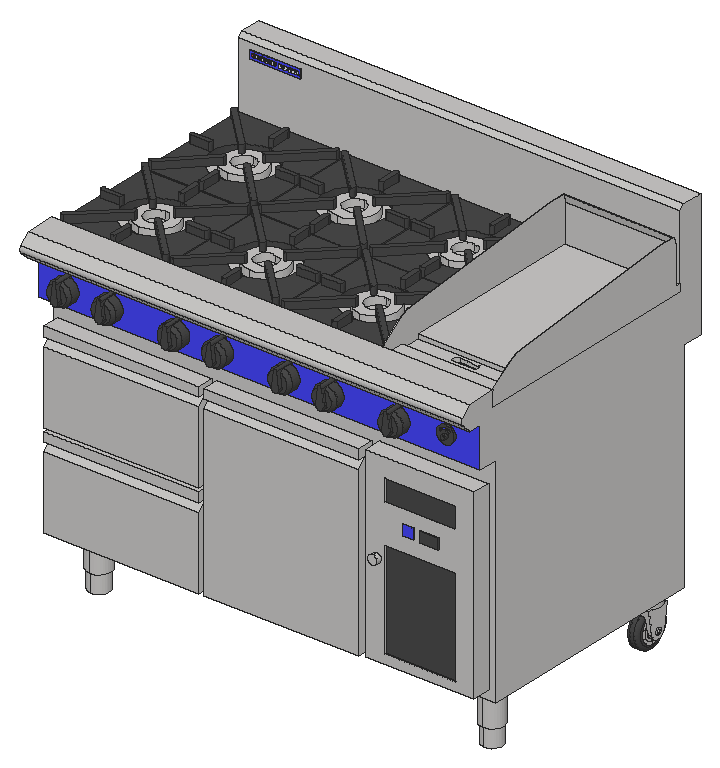
Revit family "QF_MOFFAT_BLUESEAL_AU_G518C-RB", category Specialty Equipment, Revit 2012 (continued)
Definition of nested family "GAS BURNER 900 & GRIDDLE 300"
  Definition of nested family "GAS BURNER 900"
    Lines and regions (mm)
      symbolic lines
        curve 76: arc (296, -635, 0) -> (298.121, -634.121, 0) -> (299, -632, 0) r 3
        curve 77: line (299, -632, 0) -> (299, -324.5, 0)
        curve 78: arc (299, -324.5, 0) -> (298.121, -322.379, 0) -> (296, -321.5, 0) r 3
        curve 79: line (596, -321.5, 0) -> (304, -321.5, 0)
        curve 80: arc (304, -321.5, 0) -> (301.879, -322.379, 0) -> (301, -324.5, 0) r 3
        curve 81: line (301, -324.5, 0) -> (301, -632, 0)
        curve 82: arc (301, -632, 0) -> (301.879, -634.121, 0) -> (304, -635, 0) r 3
        curve 83: line (304, -635, 0) -> (596, -635, 0)
        curve 84: arc (596, -635, 0) -> (598.121, -634.121, 0) -> (599, -632, 0) r 3
        curve 85: line (599, -632, 0) -> (599, -324.5, 0)
        curve 86: arc (599, -324.5, 0) -> (598.121, -322.379, 0) -> (596, -321.5, 0) r 3
        curve 87: line (293.898, -304.847, 0) -> (185.975, -193.424, 0)
        curve 88: spline (185.975, -193.424, 0) -> (184.905, -192.663, 0) -> (183.601, -192.262, 0) -> (182.149, -192.249, 0) -> (180.65, -192.625, 0) -> (179.205, -193.363, 0) -> (177.914, -194.414, 0) -> (176.863, -195.705, 0) -> (176.125, -197.15, 0) -> (175.749, -198.649, 0) -> (175.762, -200.101, 0) -> (176.163, -201.405, 0) -> (176.924, -202.475, 0)
        curve 89: line (176.924, -202.475, 0) -> (284.847, -313.898, 0)
        curve 90: spline (284.847, -313.898, 0) -> (285.916, -314.659, 0) -> (287.221, -315.059, 0) -> (288.672, -315.072, 0) -> (290.171, -314.697, 0) -> (291.616, -313.959, 0) -> (292.908, -312.908, 0) -> (293.959, -311.616, 0) -> (294.697, -310.171, 0) -> (295.072, -308.672, 0) -> (295.059, -307.221, 0) -> (294.659, -305.916, 0) -> (293.898, -304.847, 0)
        curve 91: line (15.153, -313.898, 0) -> (123.076, -202.475, 0)
        curve 92: spline (123.076, -202.475, 0) -> (123.837, -201.405, 0) -> (124.238, -200.101, 0) -> (124.251, -198.649, 0) -> (123.875, -197.15, 0) -> (123.137, -195.705, 0) -> (122.086, -194.414, 0) -> (120.795, -193.363, 0) -> (119.35, -192.625, 0) -> (117.851, -192.249, 0) -> (116.399, -192.262, 0) -> (115.095, -192.663, 0) -> (114.025, -193.424, 0)
        curve 93: line (114.025, -193.424, 0) -> (6.102, -304.847, 0)
        curve 94: spline (6.102, -304.847, 0) -> (5.341, -305.916, 0) -> (4.941, -307.221, 0) -> (4.928, -308.672, 0) -> (5.303, -310.171, 0) -> (6.041, -311.616, 0) -> (7.092, -312.908, 0) -> (8.384, -313.959, 0) -> (9.829, -314.697, 0) -> (11.328, -315.072, 0) -> (12.779, -315.059, 0) -> (14.084, -314.659, 0) -> (15.153, -313.898, 0)
        curve 95: line (8.898, -172.9, 0) -> (58.102, -172.9, 0)
        curve 96: spline (58.102, -172.9, 0) -> (59.396, -172.682, 0) -> (60.602, -172.043, 0) -> (61.638, -171.025, 0) -> (62.432, -169.7, 0) -> (62.932, -168.156, 0) -> (63.102, -166.5, 0) -> (62.932, -164.844, 0) -> (62.432, -163.3, 0) -> (61.638, -161.975, 0) -> (60.602, -160.957, 0) -> (59.396, -160.318, 0) -> (58.102, -160.1, 0)
        curve 97: line (58.102, -160.1, 0) -> (8.898, -160.1, 0)
        curve 98: spline (8.898, -160.1, 0) -> (7.604, -160.318, 0) -> (6.398, -160.957, 0) -> (5.362, -161.975, 0) -> (4.568, -163.3, 0) -> (4.068, -164.844, 0) -> (3.898, -166.5, 0) -> (4.068, -168.156, 0) -> (4.568, -169.7, 0) -> (5.362, -171.025, 0) -> (6.398, -172.043, 0) -> (7.604, -172.682, 0) -> (8.898, -172.9, 0)
        curve 99: line (6.102, -31.653, 0) -> (114.025, -139.576, 0)
        curve 100: spline (114.025, -139.576, 0) -> (115.095, -140.337, 0) -> (116.399, -140.738, 0) -> (117.851, -140.751, 0) -> (119.35, -140.375, 0) -> (120.795, -139.637, 0) -> (122.086, -138.586, 0) -> (123.137, -137.295, 0) -> (123.875, -135.85, 0) -> (124.251, -134.351, 0) -> (124.238, -132.899, 0) -> (123.837, -131.595, 0) -> (123.076, -130.525, 0)
        curve 101: line (123.076, -130.525, 0) -> (15.153, -22.602, 0)
        curve 102: spline (15.153, -22.602, 0) -> (13.924, -21.681, 0) -> (12.47, -21.131, 0) -> (10.89, -20.99, 0) -> (9.292, -21.267, 0) -> (7.786, -21.943, 0) -> (6.473, -22.973, 0) -> (5.443, -24.286, 0) -> (4.767, -25.792, 0) -> (4.49, -27.39, 0) -> (4.631, -28.97, 0) -> (5.181, -30.424, 0) -> (6.102, -31.653, 0)
        curve 103: arc (150, -136.5, 0) -> (180, -166.5, 0) -> (150, -196.5, 0) r 30
        curve 104: arc (150, -196.5, 0) -> (120, -166.5, 0) -> (150, -136.5, 0) r 30
        curve 105: line (156.4, -311.102, 0) -> (156.4, -261.898, 0)
        curve 106: spline (156.4, -261.898, 0) -> (156.182, -260.604, 0) -> (155.543, -259.398, 0) -> (154.525, -258.362, 0) -> (153.2, -257.568, 0) -> (151.656, -257.068, 0) -> (150, -256.898, 0) -> (148.344, -257.068, 0) -> (146.8, -257.568, 0) -> (145.475, -258.362, 0) -> (144.457, -259.398, 0) -> (143.818, -260.604, 0) -> (143.6, -261.898, 0)
        curve 107: line (143.6, -261.898, 0) -> (143.6, -311.102, 0)
        curve 108: spline (143.6, -311.102, 0) -> (143.818, -312.396, 0) -> (144.457, -313.602, 0) -> (145.475, -314.638, 0) -> (146.8, -315.432, 0) -> (148.344, -315.932, 0) -> (150, -316.102, 0) -> (151.656, -315.932, 0) -> (153.2, -315.432, 0) -> (154.525, -314.638, 0) -> (155.543, -313.602, 0) -> (156.182, -312.396, 0) -> (156.4, -311.102, 0)
        curve 109: line (156.4, -378.102, 0) -> (156.4, -328.898, 0)
        curve 110: spline (156.4, -328.898, 0) -> (156.182, -327.604, 0) -> (155.543, -326.398, 0) -> (154.525, -325.362, 0) -> (153.2, -324.568, 0) -> (151.656, -324.068, 0) -> (150, -323.898, 0) -> (148.344, -324.068, 0) -> (146.8, -324.568, 0) -> (145.475, -325.362, 0) -> (144.457, -326.398, 0) -> (143.818, -327.604, 0) -> (143.6, -328.898, 0)
        curve 111: line (143.6, -328.898, 0) -> (143.6, -378.102, 0)
        curve 112: spline (143.6, -378.102, 0) -> (143.818, -379.396, 0) -> (144.457, -380.602, 0) -> (145.475, -381.638, 0) -> (146.8, -382.432, 0) -> (148.344, -382.932, 0) -> (150, -383.102, 0) -> (151.656, -382.932, 0) -> (153.2, -382.432, 0) -> (154.525, -381.638, 0) -> (155.543, -380.602, 0) -> (156.182, -379.396, 0) -> (156.4, -378.102, 0)
        curve 113: line (284.847, -326.102, 0) -> (176.924, -434.025, 0)
        curve 114: spline (176.924, -434.025, 0) -> (176.163, -435.095, 0) -> (175.762, -436.399, 0) -> (175.749, -437.851, 0) -> (176.125, -439.35, 0) -> (176.863, -440.795, 0) -> (177.914, -442.086, 0) -> (179.205, -443.137, 0) -> (180.65, -443.875, 0) -> (182.149, -444.251, 0) -> (183.601, -444.238, 0) -> (184.905, -443.837, 0) -> (185.975, -443.076, 0)
        curve 115: line (185.975, -443.076, 0) -> (293.898, -335.153, 0)
        curve 116: spline (293.898, -335.153, 0) -> (294.659, -334.084, 0) -> (295.059, -332.779, 0) -> (295.072, -331.328, 0) -> (294.697, -329.829, 0) -> (293.959, -328.384, 0) -> (292.908, -327.092, 0) -> (291.616, -326.041, 0) -> (290.171, -325.303, 0) -> (288.672, -324.928, 0) -> (287.221, -324.941, 0) -> (285.916, -325.341, 0) -> (284.847, -326.102, 0)
        curve 117: line (123.076, -434.025, 0) -> (15.153, -326.102, 0)
        curve 118: spline (15.153, -326.102, 0) -> (13.924, -325.181, 0) -> (12.47, -324.631, 0) -> (10.89, -324.49, 0) -> (9.292, -324.767, 0) -> (7.786, -325.443, 0) -> (6.473, -326.473, 0) -> (5.443, -327.786, 0) -> (4.767, -329.292, 0) -> (4.49, -330.89, 0) -> (4.631, -332.47, 0) -> (5.181, -333.924, 0) -> (6.102, -335.153, 0)
        curve 119: line (6.102, -335.153, 0) -> (114.025, -443.076, 0)
        curve 120: spline (114.025, -443.076, 0) -> (115.095, -443.837, 0) -> (116.399, -444.238, 0) -> (117.851, -444.251, 0) -> (119.35, -443.875, 0) -> (120.795, -443.137, 0) -> (122.086, -442.086, 0) -> (123.137, -440.795, 0) -> (123.875, -439.35, 0) -> (124.251, -437.851, 0) -> (124.238, -436.399, 0) -> (123.837, -435.095, 0) -> (123.076, -434.025, 0)
        curve 121: line (58.102, -463.6, 0) -> (8.898, -463.6, 0)
        curve 122: spline (8.898, -463.6, 0) -> (7.604, -463.818, 0) -> (6.398, -464.457, 0) -> (5.362, -465.475, 0) -> (4.568, -466.8, 0) -> (4.068, -468.344, 0) -> (3.898, -470, 0) -> (4.068, -471.656, 0) -> (4.568, -473.2, 0) -> (5.362, -474.525, 0) -> (6.398, -475.543, 0) -> (7.604, -476.182, 0) -> (8.898, -476.4, 0)
        curve 123: line (8.898, -476.4, 0) -> (58.102, -476.4, 0)
        curve 124: spline (58.102, -476.4, 0) -> (59.396, -476.182, 0) -> (60.602, -475.543, 0) -> (61.638, -474.525, 0) -> (62.432, -473.2, 0) -> (62.932, -471.656, 0) -> (63.102, -470, 0) -> (62.932, -468.344, 0) -> (62.432, -466.8, 0) -> (61.638, -465.475, 0) -> (60.602, -464.457, 0) -> (59.396, -463.818, 0) -> (58.102, -463.6, 0)
        curve 125: line (114.025, -496.924, 0) -> (6.102, -603.347, 0)
        curve 126: spline (6.102, -603.347, 0) -> (5.341, -604.416, 0) -> (4.941, -605.721, 0) -> (4.928, -607.172, 0) -> (5.303, -608.671, 0) -> (6.041, -610.116, 0) -> (7.092, -611.408, 0) -> (8.384, -612.459, 0) -> (9.829, -613.197, 0) -> (11.328, -613.572, 0) -> (12.779, -613.559, 0) -> (14.084, -613.159, 0) -> (15.153, -612.398, 0)
        curve 127: line (15.153, -612.398, 0) -> (123.076, -505.975, 0)
        curve 128: spline (123.076, -505.975, 0) -> (123.837, -504.905, 0) -> (124.238, -503.601, 0) -> (124.251, -502.149, 0) -> (123.875, -500.65, 0) -> (123.137, -499.205, 0) -> (122.086, -497.914, 0) -> (120.795, -496.863, 0) -> (119.35, -496.125, 0) -> (117.851, -495.749, 0) -> (116.399, -495.762, 0) -> (115.095, -496.163, 0) -> (114.025, -496.924, 0)
        curve 129: line (156.4, -609.602, 0) -> (156.4, -561.898, 0)
        curve 130: spline (156.4, -561.898, 0) -> (156.182, -560.604, 0) -> (155.543, -559.398, 0) -> (154.525, -558.362, 0) -> (153.2, -557.568, 0) -> (151.656, -557.068, 0) -> (150, -556.898, 0) -> (148.344, -557.068, 0) -> (146.8, -557.568, 0) -> (145.475, -558.362, 0) -> (144.457, -559.398, 0) -> (143.818, -560.604, 0) -> (143.6, -561.898, 0)
        curve 131: line (143.6, -561.898, 0) -> (143.6, -609.602, 0)
        curve 132: spline (143.6, -609.602, 0) -> (143.818, -610.896, 0) -> (144.457, -612.102, 0) -> (145.475, -613.138, 0) -> (146.8, -613.932, 0) -> (148.344, -614.432, 0) -> (150, -614.602, 0) -> (151.656, -614.432, 0) -> (153.2, -613.932, 0) -> (154.525, -613.138, 0) -> (155.543, -612.102, 0) -> (156.182, -610.896, 0) -> (156.4, -609.602, 0)
        curve 133: line (176.924, -505.975, 0) -> (284.847, -612.398, 0)
        curve 134: spline (284.847, -612.398, 0) -> (285.916, -613.159, 0) -> (287.221, -613.559, 0) -> (288.672, -613.572, 0) -> (290.171, -613.197, 0) -> (291.616, -612.459, 0) -> (292.908, -611.408, 0) -> (293.959, -610.116, 0) -> (294.697, -608.671, 0) -> (295.072, -607.172, 0) -> (295.059, -605.721, 0) -> (294.659, -604.416, 0) -> (293.898, -603.347, 0)
        curve 135: line (293.898, -603.347, 0) -> (185.975, -496.924, 0)
        curve 136: spline (185.975, -496.924, 0) -> (184.905, -496.163, 0) -> (183.601, -495.762, 0) -> (182.149, -495.749, 0) -> (180.65, -496.125, 0) -> (179.205, -496.863, 0) -> (177.914, -497.914, 0) -> (176.863, -499.205, 0) -> (176.125, -500.65, 0) -> (175.749, -502.149, 0) -> (175.762, -503.601, 0) -> (176.163, -504.905, 0) -> (176.924, -505.975, 0)
        curve 137: arc (149.991, -384.418, 0) -> (179.687, -389.836, 0) -> (205.556, -405.393, 0) r 84.082
        curve 138: arc (149.991, -552.582, 0) -> (121.173, -547.489, 0) -> (95.845, -532.827, 0) r 84.082
        curve 139: arc (150, -523.5, 0) -> (167.666, -520.693, 0) -> (183.592, -512.55, 0) r 57
        curve 140: arc (150, -409.5, 0) -> (130.014, -413.119, 0) -> (112.566, -423.515, 0) r 57
        curve 141: arc (150, -436.5, 0) -> (180, -466.5, 0) -> (150, -496.5, 0) r 30
        curve 142: arc (150, -496.5, 0) -> (120, -466.5, 0) -> (150, -436.5, 0) r 30
        curve 143: line (291.102, -463.6, 0) -> (241.898, -463.6, 0)
        curve 144: spline (241.898, -463.6, 0) -> (240.604, -463.818, 0) -> (239.398, -464.457, 0) -> (238.362, -465.475, 0) -> (237.568, -466.8, 0) -> (237.068, -468.344, 0) -> (236.898, -470, 0) -> (237.068, -471.656, 0) -> (237.568, -473.2, 0) -> (238.362, -474.525, 0) -> (239.398, -475.543, 0) -> (240.604, -476.182, 0) -> (241.898, -476.4, 0)
        curve 145: line (241.898, -476.4, 0) -> (291.102, -476.4, 0)
        curve 146: spline (291.102, -476.4, 0) -> (292.396, -476.182, 0) -> (293.602, -475.543, 0) -> (294.638, -474.525, 0) -> (295.432, -473.2, 0) -> (295.932, -471.656, 0) -> (296.102, -470, 0) -> (295.932, -468.344, 0) -> (295.432, -466.8, 0) -> (294.638, -465.475, 0) -> (293.602, -464.457, 0) -> (292.396, -463.818, 0) -> (291.102, -463.6, 0)
        curve 147: line (423.076, -434.025, 0) -> (315.153, -326.102, 0)
        curve 148: spline (315.153, -326.102, 0) -> (314.084, -325.341, 0) -> (312.779, -324.941, 0) -> (311.328, -324.928, 0) -> (309.829, -325.303, 0) -> (308.384, -326.041, 0) -> (307.092, -327.092, 0) -> (306.041, -328.384, 0) -> (305.303, -329.829, 0) -> (304.928, -331.328, 0) -> (304.941, -332.779, 0) -> (305.341, -334.084, 0) -> (306.102, -335.153, 0)
        curve 149: line (306.102, -335.153, 0) -> (414.025, -443.076, 0)
        curve 150: spline (414.025, -443.076, 0) -> (415.095, -443.837, 0) -> (416.399, -444.238, 0) -> (417.851, -444.251, 0) -> (419.35, -443.875, 0) -> (420.795, -443.137, 0) -> (422.086, -442.086, 0) -> (423.137, -440.795, 0) -> (423.875, -439.35, 0) -> (424.251, -437.851, 0) -> (424.238, -436.399, 0) -> (423.837, -435.095, 0) -> (423.076, -434.025, 0)
        curve 151: line (443.6, -328.898, 0) -> (443.6, -378.102, 0)
        curve 152: spline (443.6, -378.102, 0) -> (443.818, -379.396, 0) -> (444.457, -380.602, 0) -> (445.475, -381.638, 0) -> (446.8, -382.432, 0) -> (448.344, -382.932, 0) -> (450, -383.102, 0) -> (451.656, -382.932, 0) -> (453.2, -382.432, 0) -> (454.525, -381.638, 0) -> (455.543, -380.602, 0) -> (456.182, -379.396, 0) -> (456.4, -378.102, 0)
        curve 153: line (456.4, -378.102, 0) -> (456.4, -328.898, 0)
        curve 154: spline (456.4, -328.898, 0) -> (456.182, -327.604, 0) -> (455.543, -326.398, 0) -> (454.525, -325.362, 0) -> (453.2, -324.568, 0) -> (451.656, -324.068, 0) -> (450, -323.898, 0) -> (448.344, -324.068, 0) -> (446.8, -324.568, 0) -> (445.475, -325.362, 0) -> (444.457, -326.398, 0) -> (443.818, -327.604, 0) -> (443.6, -328.898, 0)
        curve 155: line (584.847, -326.102, 0) -> (476.924, -434.025, 0)
        curve 156: spline (476.924, -434.025, 0) -> (476.163, -435.095, 0) -> (475.762, -436.399, 0) -> (475.749, -437.851, 0) -> (476.125, -439.35, 0) -> (476.863, -440.795, 0) -> (477.914, -442.086, 0) -> (479.205, -443.137, 0) -> (480.65, -443.875, 0) -> (482.149, -444.251, 0) -> (483.601, -444.238, 0) -> (484.905, -443.837, 0) -> (485.975, -443.076, 0)
        curve 157: line (485.975, -443.076, 0) -> (593.898, -335.153, 0)
        curve 158: spline (593.898, -335.153, 0) -> (594.819, -333.924, 0) -> (595.369, -332.47, 0) -> (595.51, -330.89, 0) -> (595.233, -329.292, 0) -> (594.557, -327.786, 0) -> (593.527, -326.473, 0) -> (592.214, -325.443, 0) -> (590.708, -324.767, 0) -> (589.11, -324.49, 0) -> (587.53, -324.631, 0) -> (586.076, -325.181, 0) -> (584.847, -326.102, 0)
        curve 159: line (591.102, -463.6, 0) -> (541.898, -463.6, 0)
        curve 160: spline (541.898, -463.6, 0) -> (540.604, -463.818, 0) -> (539.398, -464.457, 0) -> (538.362, -465.475, 0) -> (537.568, -466.8, 0) -> (537.068, -468.344, 0) -> (536.898, -470, 0) -> (537.068, -471.656, 0) -> (537.568, -473.2, 0) -> (538.362, -474.525, 0) -> (539.398, -475.543, 0) -> (540.604, -476.182, 0) -> (541.898, -476.4, 0)
        curve 161: line (541.898, -476.4, 0) -> (591.102, -476.4, 0)
        curve 162: spline (591.102, -476.4, 0) -> (592.396, -476.182, 0) -> (593.602, -475.543, 0) -> (594.638, -474.525, 0) -> (595.432, -473.2, 0) -> (595.932, -471.656, 0) -> (596.102, -470, 0) -> (595.932, -468.344, 0) -> (595.432, -466.8, 0) -> (594.638, -465.475, 0) -> (593.602, -464.457, 0) -> (592.396, -463.818, 0) -> (591.102, -463.6, 0)
        curve 163: line (593.898, -603.347, 0) -> (485.975, -496.924, 0)
        curve 164: spline (485.975, -496.924, 0) -> (484.905, -496.163, 0) -> (483.601, -495.762, 0) -> (482.149, -495.749, 0) -> (480.65, -496.125, 0) -> (479.205, -496.863, 0) -> (477.914, -497.914, 0) -> (476.863, -499.205, 0) -> (476.125, -500.65, 0) -> (475.749, -502.149, 0) -> (475.762, -503.601, 0) -> (476.163, -504.905, 0) -> (476.924, -505.975, 0)
        curve 165: line (476.924, -505.975, 0) -> (584.847, -612.398, 0)
        curve 166: spline (584.847, -612.398, 0) -> (585.916, -613.159, 0) -> (587.221, -613.559, 0) -> (588.672, -613.572, 0) -> (590.171, -613.197, 0) -> (591.616, -612.459, 0) -> (592.908, -611.408, 0) -> (593.959, -610.116, 0) -> (594.697, -608.671, 0) -> (595.072, -607.172, 0) -> (595.059, -605.721, 0) -> (594.659, -604.416, 0) -> (593.898, -603.347, 0)
        curve 167: line (315.153, -612.398, 0) -> (423.076, -505.975, 0)
        curve 168: spline (423.076, -505.975, 0) -> (423.837, -504.905, 0) -> (424.238, -503.601, 0) -> (424.251, -502.149, 0) -> (423.875, -500.65, 0) -> (423.137, -499.205, 0) -> (422.086, -497.914, 0) -> (420.795, -496.863, 0) -> (419.35, -496.125, 0) -> (417.851, -495.749, 0) -> (416.399, -495.762, 0) -> (415.095, -496.163, 0) -> (414.025, -496.924, 0)
        curve 169: line (414.025, -496.924, 0) -> (306.102, -603.347, 0)
        curve 170: spline (306.102, -603.347, 0) -> (305.341, -604.416, 0) -> (304.941, -605.721, 0) -> (304.928, -607.172, 0) -> (305.303, -608.671, 0) -> (306.041, -610.116, 0) -> (307.092, -611.408, 0) -> (308.384, -612.459, 0) -> (309.829, -613.197, 0) -> (311.328, -613.572, 0) -> (312.779, -613.559, 0) -> (314.084, -613.159, 0) -> (315.153, -612.398, 0)
        curve 171: line (308.898, -476.4, 0) -> (358.102, -476.4, 0)
        curve 172: spline (358.102, -476.4, 0) -> (359.396, -476.182, 0) -> (360.602, -475.543, 0) -> (361.638, -474.525, 0) -> (362.432, -473.2, 0) -> (362.932, -471.656, 0) -> (363.102, -470, 0) -> (362.932, -468.344, 0) -> (362.432, -466.8, 0) -> (361.638, -465.475, 0) -> (360.602, -464.457, 0) -> (359.396, -463.818, 0) -> (358.102, -463.6, 0)
        curve 173: line (358.102, -463.6, 0) -> (308.898, -463.6, 0)
        curve 174: spline (308.898, -463.6, 0) -> (307.604, -463.818, 0) -> (306.398, -464.457, 0) -> (305.362, -465.475, 0) -> (304.568, -466.8, 0) -> (304.068, -468.344, 0) -> (303.898, -470, 0) -> (304.068, -471.656, 0) -> (304.568, -473.2, 0) -> (305.362, -474.525, 0) -> (306.398, -475.543, 0) -> (307.604, -476.182, 0) -> (308.898, -476.4, 0)
        curve 175: line (456.4, -609.602, 0) -> (456.4, -561.898, 0)
        curve 176: spline (456.4, -561.898, 0) -> (456.182, -560.604, 0) -> (455.543, -559.398, 0) -> (454.525, -558.362, 0) -> (453.2, -557.568, 0) -> (451.656, -557.068, 0) -> (450, -556.898, 0) -> (448.344, -557.068, 0) -> (446.8, -557.568, 0) -> (445.475, -558.362, 0) -> (444.457, -559.398, 0) -> (443.818, -560.604, 0) -> (443.6, -561.898, 0)
        curve 177: line (443.6, -561.898, 0) -> (443.6, -609.602, 0)
        curve 178: spline (443.6, -609.602, 0) -> (443.818, -610.896, 0) -> (444.457, -612.102, 0) -> (445.475, -613.138, 0) -> (446.8, -613.932, 0) -> (448.344, -614.432, 0) -> (450, -614.602, 0) -> (451.656, -614.432, 0) -> (453.2, -613.932, 0) -> (454.525, -613.138, 0) -> (455.543, -612.102, 0) -> (456.182, -610.896, 0) -> (456.4, -609.602, 0)
        curve 179: arc (450.009, -384.418, 0) -> (479.699, -389.834, 0) -> (505.564, -405.385, 0) r 84.082
        curve 180: arc (450.009, -552.582, 0) -> (417.885, -546.204, 0) -> (390.635, -528.036, 0) r 84.082
        curve 181: arc (450, -523.5, 0) -> (467.666, -520.693, 0) -> (483.592, -512.55, 0) r 57
        curve 182: arc (450, -409.5, 0) -> (430.014, -413.119, 0) -> (412.566, -423.515, 0) r 57
        curve 183: arc (450, -436.5, 0) -> (480, -466.5, 0) -> (450, -496.5, 0) r 30
        curve 184: arc (450, -496.5, 0) -> (420, -466.5, 0) -> (450, -436.5, 0) r 30
        curve 185: arc (96.324, -103.773, 0) -> (121.466, -89.404, 0) -> (149.991, -84.418, 0) r 84.082
        curve 186: arc (212.871, -112.68, 0) -> (234.066, -167.408, 0) -> (214.3, -222.668, 0) r 84.082
        curve 187: arc (194.454, -202.178, 0) -> (207, -166.598, 0) -> (194.576, -130.975, 0) r 57
        curve 188: arc (114.628, -211.197, 0) -> (131.275, -220.336, 0) -> (150, -223.5, 0) r 57
        curve 189: arc (405.424, -130.975, 0) -> (393, -166.598, 0) -> (405.546, -202.178, 0) r 57
        curve 190: arc (485.525, -121.924, 0) -> (468.817, -112.696, 0) -> (450, -109.5, 0) r 57
        curve 191: arc (494.454, -202.178, 0) -> (507, -166.598, 0) -> (494.576, -130.975, 0) r 57
        curve 192: arc (414.628, -211.197, 0) -> (431.275, -220.336, 0) -> (450, -223.5, 0) r 57
        curve 193: arc (105.424, -130.975, 0) -> (93, -166.598, 0) -> (105.546, -202.178, 0) r 57
        curve 194: arc (514.501, -414.55, 0) -> (534.086, -469.429, 0) -> (513.293, -523.862, 0) r 84.082
        curve 195: arc (504.155, -532.827, 0) -> (478.827, -547.489, 0) -> (450.009, -552.582, 0) r 84.082
        curve 196: arc (493.031, -503.881, 0) -> (506.947, -468.956, 0) -> (496.089, -432.962, 0) r 57
        curve 197: arc (416.408, -512.55, 0) -> (432.334, -520.693, 0) -> (450, -523.5, 0) r 57
        curve 198: arc (403.911, -432.962, 0) -> (393.053, -468.956, 0) -> (406.969, -503.881, 0) r 57
        curve 199: arc (487.434, -423.515, 0) -> (469.986, -413.119, 0) -> (450, -409.5, 0) r 57
        curve 200: arc (187.434, -423.515, 0) -> (169.986, -413.119, 0) -> (150, -409.5, 0) r 57
        curve 201: arc (103.911, -432.962, 0) -> (93.053, -468.956, 0) -> (106.969, -503.881, 0) r 57
        curve 202: arc (109.732, -506.842, 0) -> (110.614, -507.704, 0) -> (111.516, -508.547, 0) r 57
        curve 203: arc (193.031, -503.881, 0) -> (206.947, -468.956, 0) -> (196.089, -432.962, 0) r 57
        curve 204: arc (214.491, -414.56, 0) -> (234.068, -469.429, 0) -> (213.283, -523.853, 0) r 84.082
        curve 205: arc (94.436, -405.385, 0) -> (120.301, -389.834, 0) -> (149.991, -384.418, 0) r 84.082
        curve 206: arc (86.707, -523.862, 0) -> (65.914, -469.429, 0) -> (85.499, -414.55, 0) r 84.082
        curve 207: arc (116.408, -512.55, 0) -> (132.334, -520.693, 0) -> (150, -523.5, 0) r 57
        curve 208: arc (204.147, -532.819, 0) -> (178.816, -547.487, 0) -> (149.991, -552.582, 0) r 84.082
        curve 209: arc (394.444, -405.393, 0) -> (420.313, -389.836, 0) -> (450.009, -384.418, 0) r 84.082
        curve 210: arc (390.635, -528.036, 0) -> (366.012, -472.294, 0) -> (385.509, -414.56, 0) r 84.082
        curve 211: arc (185.525, -121.924, 0) -> (168.817, -112.696, 0) -> (150, -109.5, 0) r 57
        curve 212: arc (396.332, -103.781, 0) -> (421.477, -89.406, 0) -> (450.009, -84.418, 0) r 84.082
        curve 213: arc (512.881, -112.67, 0) -> (534.084, -167.408, 0) -> (514.31, -222.678, 0) r 84.082
        curve 214: arc (505.339, -231.812, 0) -> (479.559, -247.219, 0) -> (450.009, -252.582, 0) r 84.082
        curve 215: arc (385.7, -222.668, 0) -> (365.934, -167.408, 0) -> (387.129, -112.68, 0) r 84.082
        curve 216: arc (205.331, -231.803, 0) -> (179.547, -247.216, 0) -> (149.991, -252.582, 0) r 84.082
        curve 217: arc (85.69, -222.678, 0) -> (65.916, -167.408, 0) -> (87.119, -112.67, 0) r 84.082
        curve 218: spline (724.076, -130.525, 0) -> (724.837, -131.595, 0) -> (725.238, -132.899, 0) -> (725.251, -134.351, 0) -> (724.875, -135.85, 0) -> (724.137, -137.295, 0) -> (723.086, -138.586, 0) -> (721.795, -139.637, 0) -> (720.35, -140.375, 0) -> (718.851, -140.751, 0) -> (717.399, -140.738, 0) -> (716.095, -140.337, 0) -> (715.025, -139.576, 0)
        curve 219: spline (659.102, -160.1, 0) -> (660.396, -160.318, 0) -> (661.602, -160.957, 0) -> (662.638, -161.975, 0) -> (663.432, -163.3, 0) -> (663.932, -164.844, 0) -> (664.102, -166.5, 0) -> (663.932, -168.156, 0) -> (663.432, -169.7, 0) -> (662.638, -171.025, 0) -> (661.602, -172.043, 0) -> (660.396, -172.682, 0) -> (659.102, -172.9, 0)
        curve 220: arc (751, -223.5, 0) -> (732.275, -220.336, 0) -> (715.628, -211.197, 0) r 57
        curve 221: arc (751, -109.5, 0) -> (769.817, -112.696, 0) -> (786.525, -121.924, 0) r 57
        curve 222: arc (751.009, -84.418, 0) -> (722.477, -89.406, 0) -> (697.332, -103.781, 0) r 84.082
        curve 223: arc (751.009, -252.582, 0) -> (780.559, -247.219, 0) -> (806.339, -231.812, 0) r 84.082
        curve 224: line (744.6, -74.602, 0) -> (744.6, -25.398, 0)
        curve 225: spline (744.6, -25.398, 0) -> (744.818, -24.104, 0) -> (745.457, -22.898, 0) -> (746.475, -21.862, 0) -> (747.8, -21.068, 0) -> (749.344, -20.568, 0) -> (751, -20.398, 0) -> (752.656, -20.568, 0) -> (754.2, -21.068, 0) -> (755.525, -21.862, 0) -> (756.543, -22.898, 0) -> (757.182, -24.104, 0) -> (757.4, -25.398, 0)
        curve 226: line (757.4, -25.398, 0) -> (757.4, -74.602, 0)
        curve 227: spline (757.4, -74.602, 0) -> (757.182, -75.896, 0) -> (756.543, -77.102, 0) -> (755.525, -78.138, 0) -> (754.2, -78.932, 0) -> (752.656, -79.432, 0) -> (751, -79.602, 0) -> (749.344, -79.432, 0) -> (747.8, -78.932, 0) -> (746.475, -78.138, 0) -> (745.457, -77.102, 0) -> (744.818, -75.896, 0) -> (744.6, -74.602, 0)
        curve 228: arc (897, 0, 0) -> (899.121, -0.879, 0) -> (900, -3, 0) r 3
        curve 229: line (900, -3, 0) -> (900, -315.5, 0)
        curve 230: arc (900, -315.5, 0) -> (899.121, -317.621, 0) -> (897, -318.5, 0) r 3
        curve 231: arc (897, -321.5, 0) -> (899.121, -322.379, 0) -> (900, -324.5, 0) r 3
        curve 232: line (900, -324.5, 0) -> (900, -632, 0)
        curve 233: arc (900, -632, 0) -> (899.121, -634.121, 0) -> (897, -635, 0) r 3
        curve 234: spline (715.025, -193.424, 0) -> (716.095, -192.663, 0) -> (717.399, -192.262, 0) -> (718.851, -192.249, 0) -> (720.35, -192.625, 0) -> (721.795, -193.363, 0) -> (723.086, -194.414, 0) -> (724.137, -195.705, 0) -> (724.875, -197.15, 0) -> (725.251, -198.649, 0) -> (725.238, -200.101, 0) -> (724.837, -201.405, 0) -> (724.076, -202.475, 0)
        curve 235: line (885.847, -313.898, 0) -> (777.924, -202.475, 0)
        curve 236: spline (777.924, -202.475, 0) -> (777.163, -201.405, 0) -> (776.762, -200.101, 0) -> (776.749, -198.649, 0) -> (777.125, -197.15, 0) -> (777.863, -195.705, 0) -> (778.914, -194.414, 0) -> (780.205, -193.363, 0) -> (781.65, -192.625, 0) -> (783.149, -192.249, 0) -> (784.601, -192.262, 0) -> (785.905, -192.663, 0) -> (786.975, -193.424, 0)
        curve 237: line (786.975, -193.424, 0) -> (894.898, -304.847, 0)
        curve 238: spline (894.898, -304.847, 0) -> (895.659, -305.916, 0) -> (896.059, -307.221, 0) -> (896.072, -308.672, 0) -> (895.697, -310.171, 0) -> (894.959, -311.616, 0) -> (893.908, -312.908, 0) -> (892.616, -313.959, 0) -> (891.171, -314.697, 0) -> (889.672, -315.072, 0) -> (888.221, -315.059, 0) -> (886.916, -314.659, 0) -> (885.847, -313.898, 0)
        curve 239: line (892.102, -172.9, 0) -> (842.898, -172.9, 0)
        curve 240: spline (842.898, -172.9, 0) -> (841.604, -172.682, 0) -> (840.398, -172.043, 0) -> (839.362, -171.025, 0) -> (838.568, -169.7, 0) -> (838.068, -168.156, 0) -> (837.898, -166.5, 0) -> (838.068, -164.844, 0) -> (838.568, -163.3, 0) -> (839.362, -161.975, 0) -> (840.398, -160.957, 0) -> (841.604, -160.318, 0) -> (842.898, -160.1, 0)
        curve 241: line (842.898, -160.1, 0) -> (892.102, -160.1, 0)
        curve 242: spline (892.102, -160.1, 0) -> (893.396, -160.318, 0) -> (894.602, -160.957, 0) -> (895.638, -161.975, 0) -> (896.432, -163.3, 0) -> (896.932, -164.844, 0) -> (897.102, -166.5, 0) -> (896.932, -168.156, 0) -> (896.432, -169.7, 0) -> (895.638, -171.025, 0) -> (894.602, -172.043, 0) -> (893.396, -172.682, 0) -> (892.102, -172.9, 0)
        curve 243: line (894.898, -31.653, 0) -> (786.975, -139.576, 0)
        curve 244: spline (786.975, -139.576, 0) -> (785.905, -140.337, 0) -> (784.601, -140.738, 0) -> (783.149, -140.751, 0) -> (781.65, -140.375, 0) -> (780.205, -139.637, 0) -> (778.914, -138.586, 0) -> (777.863, -137.295, 0) -> (777.125, -135.85, 0) -> (776.749, -134.351, 0) -> (776.762, -132.899, 0) -> (777.163, -131.595, 0) -> (777.924, -130.525, 0)
        curve 245: line (777.924, -130.525, 0) -> (885.847, -22.602, 0)
        curve 246: spline (885.847, -22.602, 0) -> (887.076, -21.681, 0) -> (888.53, -21.131, 0) -> (890.11, -20.99, 0) -> (891.708, -21.267, 0) -> (893.214, -21.943, 0) -> (894.527, -22.973, 0) -> (895.557, -24.286, 0) -> (896.233, -25.792, 0) -> (896.51, -27.39, 0) -> (896.369, -28.97, 0) -> (895.819, -30.424, 0) -> (894.898, -31.653, 0)
        curve 247: arc (751, -136.5, 0) -> (721, -166.5, 0) -> (751, -196.5, 0) r 30
        curve 248: arc (751, -196.5, 0) -> (781, -166.5, 0) -> (751, -136.5, 0) r 30
        curve 249: line (744.6, -311.102, 0) -> (744.6, -261.898, 0)
        curve 250: spline (744.6, -261.898, 0) -> (744.818, -260.604, 0) -> (745.457, -259.398, 0) -> (746.475, -258.362, 0) -> (747.8, -257.568, 0) -> (749.344, -257.068, 0) -> (751, -256.898, 0) -> (752.656, -257.068, 0) -> (754.2, -257.568, 0) -> (755.525, -258.362, 0) -> (756.543, -259.398, 0) -> (757.182, -260.604, 0) -> (757.4, -261.898, 0)
        curve 251: line (757.4, -261.898, 0) -> (757.4, -311.102, 0)
        curve 252: spline (757.4, -311.102, 0) -> (757.182, -312.396, 0) -> (756.543, -313.602, 0) -> (755.525, -314.638, 0) -> (754.2, -315.432, 0) -> (752.656, -315.932, 0) -> (751, -316.102, 0) -> (749.344, -315.932, 0) -> (747.8, -315.432, 0) -> (746.475, -314.638, 0) -> (745.457, -313.602, 0) -> (744.818, -312.396, 0) -> (744.6, -311.102, 0)
        curve 253: line (744.6, -378.102, 0) -> (744.6, -328.898, 0)
        curve 254: spline (744.6, -328.898, 0) -> (744.818, -327.604, 0) -> (745.457, -326.398, 0) -> (746.475, -325.362, 0) -> (747.8, -324.568, 0) -> (749.344, -324.068, 0) -> (751, -323.898, 0) -> (752.656, -324.068, 0) -> (754.2, -324.568, 0) -> (755.525, -325.362, 0) -> (756.543, -326.398, 0) -> (757.182, -327.604, 0) -> (757.4, -328.898, 0)
        curve 255: line (757.4, -328.898, 0) -> (757.4, -378.102, 0)
        curve 256: spline (757.4, -378.102, 0) -> (757.182, -379.396, 0) -> (756.543, -380.602, 0) -> (755.525, -381.638, 0) -> (754.2, -382.432, 0) -> (752.656, -382.932, 0) -> (751, -383.102, 0) -> (749.344, -382.932, 0) -> (747.8, -382.432, 0) -> (746.475, -381.638, 0) -> (745.457, -380.602, 0) -> (744.818, -379.396, 0) -> (744.6, -378.102, 0)
        curve 257: spline (724.076, -434.025, 0) -> (724.837, -435.095, 0) -> (725.238, -436.399, 0) -> (725.251, -437.851, 0) -> (724.875, -439.35, 0) -> (724.137, -440.795, 0) -> (723.086, -442.086, 0) -> (721.795, -443.137, 0) -> (720.35, -443.875, 0) -> (718.851, -444.251, 0) -> (717.399, -444.238, 0) -> (716.095, -443.837, 0) -> (715.025, -443.076, 0)
        curve 258: line (777.924, -434.025, 0) -> (885.847, -326.102, 0)
        curve 259: spline (885.847, -326.102, 0) -> (887.076, -325.181, 0) -> (888.53, -324.631, 0) -> (890.11, -324.49, 0) -> (891.708, -324.767, 0) -> (893.214, -325.443, 0) -> (894.527, -326.473, 0) -> (895.557, -327.786, 0) -> (896.233, -329.292, 0) -> (896.51, -330.89, 0) -> (896.369, -332.47, 0) -> (895.819, -333.924, 0) -> (894.898, -335.153, 0)
        curve 260: line (894.898, -335.153, 0) -> (786.975, -443.076, 0)
        curve 261: spline (786.975, -443.076, 0) -> (785.905, -443.837, 0) -> (784.601, -444.238, 0) -> (783.149, -444.251, 0) -> (781.65, -443.875, 0) -> (780.205, -443.137, 0) -> (778.914, -442.086, 0) -> (777.863, -440.795, 0) -> (777.125, -439.35, 0) -> (776.749, -437.851, 0) -> (776.762, -436.399, 0) -> (777.163, -435.095, 0) -> (777.924, -434.025, 0)
        curve 262: line (842.898, -463.6, 0) -> (892.102, -463.6, 0)
        curve 263: spline (892.102, -463.6, 0) -> (893.396, -463.818, 0) -> (894.602, -464.457, 0) -> (895.638, -465.475, 0) -> (896.432, -466.8, 0) -> (896.932, -468.344, 0) -> (897.102, -470, 0) -> (896.932, -471.656, 0) -> (896.432, -473.2, 0) -> (895.638, -474.525, 0) -> (894.602, -475.543, 0) -> (893.396, -476.182, 0) -> (892.102, -476.4, 0)
        curve 264: line (892.102, -476.4, 0) -> (842.898, -476.4, 0)
        curve 265: spline (842.898, -476.4, 0) -> (841.604, -476.182, 0) -> (840.398, -475.543, 0) -> (839.362, -474.525, 0) -> (838.568, -473.2, 0) -> (838.068, -471.656, 0) -> (837.898, -470, 0) -> (838.068, -468.344, 0) -> (838.568, -466.8, 0) -> (839.362, -465.475, 0) -> (840.398, -464.457, 0) -> (841.604, -463.818, 0) -> (842.898, -463.6, 0)
        curve 266: line (786.975, -496.924, 0) -> (894.898, -603.347, 0)
        curve 267: spline (894.898, -603.347, 0) -> (895.659, -604.416, 0) -> (896.059, -605.721, 0) -> (896.072, -607.172, 0) -> (895.697, -608.671, 0) -> (894.959, -610.116, 0) -> (893.908, -611.408, 0) -> (892.616, -612.459, 0) -> (891.171, -613.197, 0) -> (889.672, -613.572, 0) -> (888.221, -613.559, 0) -> (886.916, -613.159, 0) -> (885.847, -612.398, 0)
        curve 268: line (885.847, -612.398, 0) -> (777.924, -505.975, 0)
        curve 269: spline (777.924, -505.975, 0) -> (777.163, -504.905, 0) -> (776.762, -503.601, 0) -> (776.749, -502.149, 0) -> (777.125, -500.65, 0) -> (777.863, -499.205, 0) -> (778.914, -497.914, 0) -> (780.205, -496.863, 0) -> (781.65, -496.125, 0) -> (783.149, -495.749, 0) -> (784.601, -495.762, 0) -> (785.905, -496.163, 0) -> (786.975, -496.924, 0)
        curve 270: line (744.6, -609.602, 0) -> (744.6, -561.898, 0)
        curve 271: spline (744.6, -561.898, 0) -> (744.818, -560.604, 0) -> (745.457, -559.398, 0) -> (746.475, -558.362, 0) -> (747.8, -557.568, 0) -> (749.344, -557.068, 0) -> (751, -556.898, 0) -> (752.656, -557.068, 0) -> (754.2, -557.568, 0) -> (755.525, -558.362, 0) -> (756.543, -559.398, 0) -> (757.182, -560.604, 0) -> (757.4, -561.898, 0)
        curve 272: line (757.4, -561.898, 0) -> (757.4, -609.602, 0)
        curve 273: spline (757.4, -609.602, 0) -> (757.182, -610.896, 0) -> (756.543, -612.102, 0) -> (755.525, -613.138, 0) -> (754.2, -613.932, 0) -> (752.656, -614.432, 0) -> (751, -614.602, 0) -> (749.344, -614.432, 0) -> (747.8, -613.932, 0) -> (746.475, -613.138, 0) -> (745.457, -612.102, 0) -> (744.818, -610.896, 0) -> (744.6, -609.602, 0)
        curve 274: spline (715.025, -496.924, 0) -> (716.095, -496.163, 0) -> (717.399, -495.762, 0) -> (718.851, -495.749, 0) -> (720.35, -496.125, 0) -> (721.795, -496.863, 0) -> (723.086, -497.914, 0) -> (724.137, -499.205, 0) -> (724.875, -500.65, 0) -> (725.251, -502.149, 0) -> (725.238, -503.601, 0) -> (724.837, -504.905, 0) -> (724.076, -505.975, 0)
        curve 275: arc (751.009, -384.418, 0) -> (721.313, -389.836, 0) -> (695.444, -405.393, 0) r 84.082
        curve 276: arc (751.009, -552.582, 0) -> (779.827, -547.489, 0) -> (805.155, -532.827, 0) r 84.082
        curve 277: arc (751, -523.5, 0) -> (733.334, -520.693, 0) -> (717.408, -512.55, 0) r 57
        curve 278: arc (751, -409.5, 0) -> (770.986, -413.119, 0) -> (788.434, -423.515, 0) r 57
        curve 279: arc (751, -436.5, 0) -> (721, -466.5, 0) -> (751, -496.5, 0) r 30
        curve 280: arc (751, -496.5, 0) -> (781, -466.5, 0) -> (751, -436.5, 0) r 30
        curve 281: spline (659.102, -463.6, 0) -> (660.396, -463.818, 0) -> (661.602, -464.457, 0) -> (662.638, -465.475, 0) -> (663.432, -466.8, 0) -> (663.932, -468.344, 0) -> (664.102, -470, 0) -> (663.932, -471.656, 0) -> (663.432, -473.2, 0) -> (662.638, -474.525, 0) -> (661.602, -475.543, 0) -> (660.396, -476.182, 0) -> (659.102, -476.4, 0)
        curve 282: arc (804.676, -103.773, 0) -> (779.534, -89.404, 0) -> (751.009, -84.418, 0) r 84.082
        curve 283: arc (688.129, -112.68, 0) -> (666.934, -167.408, 0) -> (686.7, -222.668, 0) r 84.082
        curve 284: arc (706.546, -202.178, 0) -> (694, -166.598, 0) -> (706.424, -130.975, 0) r 57
        curve 285: arc (786.372, -211.197, 0) -> (769.725, -220.336, 0) -> (751, -223.5, 0) r 57
        curve 286: arc (795.576, -130.975, 0) -> (808, -166.598, 0) -> (795.454, -202.178, 0) r 57
        curve 287: arc (713.566, -423.515, 0) -> (731.014, -413.119, 0) -> (751, -409.5, 0) r 57
        curve 288: arc (797.089, -432.962, 0) -> (807.947, -468.956, 0) -> (794.031, -503.881, 0) r 57
        curve 289: arc (791.268, -506.842, 0) -> (790.386, -507.704, 0) -> (789.484, -508.547, 0) r 57
        curve 290: arc (707.969, -503.881, 0) -> (694.053, -468.956, 0) -> (704.911, -432.962, 0) r 57
        curve 291: arc (686.509, -414.56, 0) -> (666.932, -469.429, 0) -> (687.717, -523.853, 0) r 84.082
        curve 292: arc (806.564, -405.385, 0) -> (780.699, -389.834, 0) -> (751.009, -384.418, 0) r 84.082
        curve 293: arc (814.293, -523.862, 0) -> (835.086, -469.429, 0) -> (815.501, -414.55, 0) r 84.082
        curve 294: arc (784.592, -512.55, 0) -> (768.666, -520.693, 0) -> (751, -523.5, 0) r 57
        curve 295: arc (696.853, -532.819, 0) -> (722.184, -547.487, 0) -> (751.009, -552.582, 0) r 84.082
        curve 296: arc (715.475, -121.924, 0) -> (732.183, -112.696, 0) -> (751, -109.5, 0) r 57
        curve 297: arc (695.669, -231.803, 0) -> (721.453, -247.216, 0) -> (751.009, -252.582, 0) r 84.082
        curve 298: arc (815.31, -222.678, 0) -> (835.084, -167.408, 0) -> (813.881, -112.67, 0) r 84.082
        curve 299: line (616.153, -612.398, 0) -> (724.076, -505.975, 0)
        curve 300: line (715.025, -496.924, 0) -> (607.102, -603.347, 0)
        curve 301: spline (607.102, -603.347, 0) -> (606.341, -604.416, 0) -> (605.941, -605.721, 0) -> (605.928, -607.172, 0) -> (606.303, -608.671, 0) -> (607.041, -610.116, 0) -> (608.092, -611.408, 0) -> (609.384, -612.459, 0) -> (610.829, -613.197, 0) -> (612.328, -613.572, 0) -> (613.779, -613.559, 0) -> (615.084, -613.159, 0) -> (616.153, -612.398, 0)
        curve 302: line (602, -324.5, 0) -> (602, -632, 0)
        curve 303: arc (602, -632, 0) -> (602.879, -634.121, 0) -> (605, -635, 0) r 3
        curve 304: line (605, -635, 0) -> (897, -635, 0)
        curve 305: arc (897, -635, 0) -> (899.121, -634.121, 0) -> (900, -632, 0) r 3
        curve 306: line (900, -632, 0) -> (900, -324.5, 0)
        curve 307: arc (900, -324.5, 0) -> (899.121, -322.379, 0) -> (897, -321.5, 0) r 3
        curve 308: line (897, -321.5, 0) -> (605, -321.5, 0)
        curve 309: arc (605, -321.5, 0) -> (602.879, -322.379, 0) -> (602, -324.5, 0) r 3
        curve 310: line (609.898, -476.4, 0) -> (659.102, -476.4, 0)
        curve 311: line (659.102, -463.6, 0) -> (609.898, -463.6, 0)
        curve 312: spline (609.898, -463.6, 0) -> (608.604, -463.818, 0) -> (607.398, -464.457, 0) -> (606.362, -465.475, 0) -> (605.568, -466.8, 0) -> (605.068, -468.344, 0) -> (604.898, -470, 0) -> (605.068, -471.656, 0) -> (605.568, -473.2, 0) -> (606.362, -474.525, 0) -> (607.398, -475.543, 0) -> (608.604, -476.182, 0) -> (609.898, -476.4, 0)
        curve 313: line (607.102, -335.153, 0) -> (715.025, -443.076, 0)
        curve 314: line (724.076, -434.025, 0) -> (616.153, -326.102, 0)
        curve 315: spline (616.153, -326.102, 0) -> (615.084, -325.341, 0) -> (613.779, -324.941, 0) -> (612.328, -324.928, 0) -> (610.829, -325.303, 0) -> (609.384, -326.041, 0) -> (608.092, -327.092, 0) -> (607.041, -328.384, 0) -> (606.303, -329.829, 0) -> (605.928, -331.328, 0) -> (605.941, -332.779, 0) -> (606.341, -334.084, 0) -> (607.102, -335.153, 0)
        curve 316: line (616.153, -313.898, 0) -> (724.076, -202.475, 0)
        curve 317: spline (607.102, -304.847, 0) -> (606.341, -305.916, 0) -> (605.941, -307.221, 0) -> (605.928, -308.672, 0) -> (606.303, -310.171, 0) -> (607.041, -311.616, 0) -> (608.092, -312.908, 0) -> (609.384, -313.959, 0) -> (610.829, -314.697, 0) -> (612.328, -315.072, 0) -> (613.779, -315.059, 0) -> (615.084, -314.659, 0) -> (616.153, -313.898, 0)
        curve 318: line (715.025, -193.424, 0) -> (607.102, -304.847, 0)
        curve 319: line (605, -318.5, 0) -> (897, -318.5, 0)
        curve 320: arc (602, -315.5, 0) -> (602.879, -317.621, 0) -> (605, -318.5, 0) r 3
        curve 321: line (602, -3, 0) -> (602, -315.5, 0)
        curve 322: arc (605, 0, 0) -> (602.879, -0.879, 0) -> (602, -3, 0) r 3
        curve 323: line (609.898, -172.9, 0) -> (659.102, -172.9, 0)
        curve 324: line (659.102, -160.1, 0) -> (609.898, -160.1, 0)
        curve 325: spline (609.898, -160.1, 0) -> (608.604, -160.318, 0) -> (607.398, -160.957, 0) -> (606.362, -161.975, 0) -> (605.568, -163.3, 0) -> (605.068, -164.844, 0) -> (604.898, -166.5, 0) -> (605.068, -168.156, 0) -> (605.568, -169.7, 0) -> (606.362, -171.025, 0) -> (607.398, -172.043, 0) -> (608.604, -172.682, 0) -> (609.898, -172.9, 0)
        curve 326: line (607.102, -31.653, 0) -> (715.025, -139.576, 0)
        curve 327: line (724.076, -130.525, 0) -> (616.153, -22.602, 0)
        curve 328: spline (616.153, -22.602, 0) -> (615.084, -21.841, 0) -> (613.779, -21.441, 0) -> (612.328, -21.428, 0) -> (610.829, -21.803, 0) -> (609.384, -22.541, 0) -> (608.092, -23.592, 0) -> (607.041, -24.884, 0) -> (606.303, -26.329, 0) -> (605.928, -27.828, 0) -> (605.941, -29.279, 0) -> (606.341, -30.584, 0) -> (607.102, -31.653, 0)
        curve 329: line (897, 0, 0) -> (605, 0, 0)
    Dimensions and locks
      equal spacing: plane 3 "LEFT", plane 7 "Center Y", plane 4 "RIGHT"
      "Width": plane 3 "LEFT" to plane 4 "RIGHT"
      equal spacing: plane 5 "FRONT", plane 8 "Center X", plane 1 "BACK"
      "Depth": plane 5 "FRONT" to plane 1 "BACK"
      aligned and locked: level to plane 2
    Automatic sketch dimensions
      curve 29 to curve 30 = 0.0 mm
      curve 29 to curve 33 = 0.0 mm
      curve 29 to curve 189 = 0.0 mm
      curve 29 to curve 190 = 0.0 mm  (x2)
      curve 29 to curve 191 = 0.0 mm  (x2)
      curve 29 to curve 192 = 0.0 mm
      curve 30 to curve 33 = 0.0 mm
      curve 30 to curve 189 = 0.0 mm
      curve 31 to curve 32 = 0.0 mm  (x2)
      curve 31 to curve 212 = 0.0 mm
      curve 31 to curve 213 = 0.0 mm  (x2)
      curve 31 to curve 214 = 0.0 mm
      curve 31 to curve 215 = 0.0 mm  (x2)
      curve 35 to curve 36 = 0.0 mm
      curve 35 to curve 103 = 0.0 mm  (x2)
      curve 35 to curve 187 = 0.0 mm  (x2)
      curve 35 to curve 188 = 0.0 mm
      curve 35 to curve 193 = 0.0 mm
      curve 35 to curve 211 = 0.0 mm  (x2)
      curve 36 to curve 193 = 0.0 mm
      curve 37 to curve 38 = 0.0 mm  (x2)
      curve 37 to curve 185 = 0.0 mm
      curve 37 to curve 186 = 0.0 mm  (x2)
      curve 37 to curve 216 = 0.0 mm
      curve 37 to curve 217 = 0.0 mm  (x2)
      curve 137 to curve 138 = 0.0 mm  (x2)
      curve 137 to curve 204 = 0.0 mm  (x2)
      curve 137 to curve 205 = 0.0 mm
      curve 137 to curve 206 = 0.0 mm  (x2)
      curve 137 to curve 208 = 0.0 mm
      curve 139 to curve 140 = 0.0 mm
      curve 139 to curve 141 = 0.0 mm  (x2)
      curve 139 to curve 200 = 0.0 mm  (x2)
      curve 139 to curve 201 = 0.0 mm
      curve 139 to curve 202 = 0.0 mm
      curve 139 to curve 203 = 0.0 mm  (x2)
      curve 139 to curve 207 = 0.0 mm
      curve 140 to curve 201 = 0.0 mm
      curve 140 to curve 202 = 0.0 mm
      curve 179 to curve 180 = 0.0 mm  (x2)
      curve 179 to curve 194 = 0.0 mm  (x2)
      curve 179 to curve 195 = 0.0 mm
      curve 179 to curve 209 = 0.0 mm
      curve 179 to curve 210 = 0.0 mm  (x2)
      curve 181 to curve 182 = 0.0 mm  (x2)
      curve 181 to curve 183 = 0.0 mm  (x2)
      curve 181 to curve 196 = 0.0 mm  (x2)
      curve 181 to curve 197 = 0.0 mm
      curve 181 to curve 198 = 0.0 mm  (x2)
      curve 181 to curve 199 = 0.0 mm
      curve 220 to curve 221 = 0.0 mm
      curve 220 to curve 247 = 0.0 mm  (x2)
      curve 220 to curve 284 = 0.0 mm
      curve 222 to curve 223 = 0.0 mm  (x2)
      curve 222 to curve 282 = 0.0 mm
      curve 222 to curve 283 = 0.0 mm  (x2)
      curve 275 to curve 276 = 0.0 mm
      curve 275 to curve 291 = 0.0 mm
      curve 277 to curve 278 = 0.0 mm
      curve 277 to curve 279 = 0.0 mm
      curve 277 to curve 287 = 0.0 mm
      curve 278 to curve 280 = 0.0 mm
      curve 283 to curve 298 = 0.0 mm
      curve 284 to curve 296 = 0.0 mm  (x2)
      curve 285 to curve 296 = 0.0 mm  (x2)
      curve 286 to curve 296 = 0.0 mm  (x2)
      curve 287 to curve 294 = 0.0 mm  (x2)
      curve 288 to curve 294 = 0.0 mm  (x2)
      curve 289 to curve 294 = 0.0 mm  (x2)
      curve 290 to curve 294 = 0.0 mm  (x2)
      curve 291 to curve 295 = 0.0 mm  (x2)
      curve 292 to curve 295 = 0.0 mm  (x2)
      curve 293 to curve 295 = 0.0 mm  (x2)
      curve 297 to curve 298 = 0.0 mm  (x2)
      plane 5 "FRONT" to curve 75 = 0.0 mm
      plane 1 "BACK" to curve 64 = 0.0 mm
      plane 1 "BACK" to curve 55 = 0.0 mm
      plane 5 "FRONT" to curve 82 = 0.0 mm
      curve 33 to plane 7 "Center Y" = 0.0 mm
      curve 154 to plane 7 "Center Y" = 0.0 mm
      curve 54 to plane 7 "Center Y" = 0.0 mm
      curve 196 to plane 7 "Center Y" = 0.0 mm
      curve 178 to plane 7 "Center Y" = 0.0 mm
      curve 16 to plane 7 "Center Y" = 0.0 mm
      plane 5 "FRONT" to curve 233 = 0.0 mm
      curve 13 to curve 16 = 6.4 mm
      curve 154 to curve 154 = 6.4 mm
      curve 52 to curve 52 = 6.4 mm
      curve 177 to curve 178 = 6.4 mm
      curve 150 to plane 7 "Center Y" = 26.924 mm
      curve 10 to plane 7 "Center Y" = 26.924 mm
      curve 168 to plane 7 "Center Y" = 26.924 mm
      curve 50 to plane 7 "Center Y" = 26.924 mm
      curve 10 to curve 10 = 4.525 mm
      curve 50 to curve 50 = 4.525 mm
      curve 168 to curve 167 = 4.525 mm
      curve 150 to curve 147 = 4.525 mm
      curve 197 to curve 167 = 6.668 mm
      curve 192 to curve 49 = 8.448 mm
      curve 30 to curve 10 = 8.601 mm
      curve 169 to curve 168 = 4.525 mm
      curve 182 to curve 150 = 10.51 mm
      curve 198 to curve 168 = 7.056 mm
      curve 189 to curve 50 = 8.479 mm
      curve 189 to curve 9 = 8.601 mm
      curve 198 to curve 182 = 8.655 mm
      curve 212 to curve 30 = 18.144 mm
      curve 32 to curve 192 = 19.959 mm
      curve 209 to curve 182 = 18.122 mm
      curve 210 to curve 198 = 16.335 mm
      curve 215 to curve 212 = 9.203 mm
      curve 215 to curve 32 = 8.969 mm
      curve 210 to curve 209 = 8.936 mm
      curve 45 to curve 189 = 47.444 mm
      curve 172 to curve 198 = 45.809 mm
      curve 167 to plane 5 "FRONT" = 22.602 mm
      curve 167 to curve 180 = 75.481 mm
      curve 147 to plane 8 "Center X" = 8.602 mm
      curve 147 to curve 209 = 79.291 mm
      plane 1 "BACK" to curve 12 = 22.602 mm
      plane 8 "Center X" to curve 49 = 3.602 mm
      curve 49 to curve 147 = 0.0 mm
      curve 148 to curve 147 = 4.525 mm
      curve 12 to curve 12 = 4.525 mm
      curve 48 to curve 48 = 4.525 mm
      curve 170 to curve 167 = 4.525 mm
      curve 44 to curve 46 = 49.204 mm
      curve 174 to curve 172 = 49.204 mm
      curve 80 to curve 148 = 6.628 mm
      curve 83 to curve 170 = 11.153 mm
      curve 56 to curve 12 = 11.153 mm
      plane 8 "Center X" to curve 58 = 2.0 mm
      curve 58 to curve 79 = 0.0 mm
      curve 57 to curve 56 = 3.0 mm
      curve 80 to curve 80 = 3.0 mm
      curve 76 to curve 81 = 2.0 mm
      curve 68 to curve 58 = 2.0 mm
      curve 68 to plane 8 "Center X" = 1.0 mm
      curve 68 to curve 69 = 3.0 mm
      curve 78 to curve 77 = 3.0 mm
      curve 63 to curve 69 = 3.0 mm
      curve 75 to curve 76 = 3.0 mm
      curve 90 to curve 68 = 2.102 mm
      curve 4 to curve 12 = 12.205 mm
      curve 115 to plane 8 "Center X" = 17.653 mm
      curve 115 to curve 78 = 2.102 mm
      curve 134 to curve 170 = 12.205 mm
      curve 8 to curve 45 = 17.796 mm
      curve 145 to curve 171 = 17.796 mm
      curve 4 to curve 4 = 4.525 mm
      curve 134 to curve 134 = 4.525 mm
      curve 90 to curve 90 = 4.525 mm
      curve 116 to curve 116 = 4.525 mm
      curve 6 to curve 5 = 49.204 mm
      curve 144 to curve 143 = 49.204 mm
      curve 204 to curve 144 = 27.407 mm
      curve 186 to curve 7 = 27.598 mm
      curve 204 to curve 145 = 28.615 mm
      curve 186 to curve 6 = 29.027 mm
      curve 137 to curve 204 = 8.936 mm
      curve 216 to curve 186 = 8.969 mm
      curve 208 to curve 204 = 9.136 mm
      curve 37 to curve 186 = 9.203 mm
      curve 203 to curve 204 = 18.402 mm
      curve 187 to curve 186 = 18.296 mm
      curve 187 to curve 186 = 19.847 mm
      curve 203 to curve 204 = 20.253 mm
      curve 200 to curve 203 = 8.655 mm
      curve 136 to curve 203 = 7.056 mm
      curve 87 to curve 187 = 8.479 mm
      curve 2 to curve 187 = 8.601 mm
      curve 114 to curve 203 = 10.114 mm
      curve 211 to curve 187 = 9.051 mm
      curve 35 to curve 187 = 9.081 mm
      curve 139 to curve 203 = 9.439 mm
      curve 114 to curve 115 = 4.525 mm
      curve 2 to curve 2 = 4.525 mm
      curve 136 to curve 136 = 4.525 mm
      curve 88 to curve 88 = 4.525 mm
      curve 106 to curve 216 = 48.931 mm
      curve 112 to curve 200 = 31.034 mm
      curve 42 to curve 37 = 47.268 mm
      curve 129 to plane 5 "FRONT" = 25.398 mm
      curve 129 to curve 208 = 47.747 mm
      curve 103 to curve 1 = 26.924 mm
      curve 110 to curve 109 = 6.4 mm
      curve 108 to curve 105 = 6.4 mm
      curve 142 to curve 114 = 26.924 mm
      curve 132 to curve 132 = 6.4 mm
      curve 42 to curve 42 = 6.4 mm
      curve 38 to curve 106 = 0.009 mm
      curve 204 to curve 139 = 0.009 mm
      curve 127 to curve 142 = 26.924 mm
      curve 117 to curve 142 = 26.924 mm
      curve 91 to curve 104 = 26.924 mm
      curve 100 to curve 104 = 26.924 mm
      curve 100 to curve 100 = 4.525 mm
      curve 92 to curve 92 = 4.525 mm
      curve 120 to curve 120 = 4.525 mm
      curve 128 to curve 128 = 4.525 mm
      curve 207 to curve 127 = 6.668 mm
      curve 188 to curve 91 = 8.448 mm
      curve 36 to curve 100 = 8.601 mm
      curve 140 to curve 117 = 10.51 mm
      curve 202 to curve 207 = 4.893 mm
      curve 202 to curve 202 = 1.784 mm
      curve 201 to curve 202 = 2.762 mm
      curve 193 to curve 93 = 8.479 mm
      curve 193 to curve 100 = 8.601 mm
      curve 201 to curve 140 = 8.655 mm
      curve 185 to curve 36 = 18.152 mm
      curve 138 to curve 207 = 20.563 mm
      curve 38 to curve 188 = 19.967 mm
      curve 205 to curve 140 = 18.13 mm
      curve 217 to curve 185 = 9.204 mm
      curve 206 to curve 138 = 9.138 mm
      curve 217 to curve 38 = 8.97 mm
      curve 206 to curve 205 = 8.937 mm
      curve 97 to curve 193 = 47.322 mm
      curve 121 to curve 201 = 45.809 mm
      plane 3 "LEFT" to curve 126 = 15.153 mm
      plane 3 "LEFT" to curve 102 = 15.153 mm
      plane 8 "Center X" to curve 91 = 3.602 mm
      plane 3 "LEFT" to curve 91 = 15.153 mm
      curve 117 to plane 8 "Center X" = 8.602 mm
      curve 117 to curve 91 = 0.0 mm
      curve 126 to curve 126 = 4.525 mm
      curve 94 to curve 94 = 4.525 mm
      plane 3 "LEFT" to curve 121 = 8.898 mm
      plane 3 "LEFT" to curve 97 = 8.898 mm
      plane 3 "LEFT" to curve 72 = 4.0 mm
      curve 66 to curve 71 = 0.0 mm
      plane 3 "LEFT" to curve 74 = 4.0 mm
      plane 3 "LEFT" to curve 63 = 4.0 mm
      plane 3 "LEFT" to curve 65 = 1.0 mm
      plane 3 "LEFT" to curve 74 = 1.0 mm
      plane 7 "Center Y" to curve 194 = 0.009 mm
      plane 7 "Center Y" to curve 32 = 0.009 mm
      plane 7 "Center Y" to curve 165 = 26.924 mm
      plane 7 "Center Y" to curve 17 = 26.924 mm
      plane 7 "Center Y" to curve 26 = 26.924 mm
      plane 7 "Center Y" to curve 156 = 26.924 mm
      curve 18 to curve 18 = 4.525 mm
      curve 155 to curve 156 = 4.525 mm
      curve 27 to curve 26 = 4.525 mm
      curve 165 to curve 164 = 4.525 mm
      curve 164 to curve 181 = 6.668 mm
      curve 26 to curve 29 = 8.448 mm
      curve 18 to curve 190 = 8.601 mm
      curve 156 to curve 199 = 10.51 mm
      curve 164 to curve 196 = 7.056 mm
      curve 26 to curve 191 = 8.479 mm
      curve 18 to curve 191 = 8.601 mm
      curve 199 to curve 196 = 8.655 mm
      curve 190 to curve 31 = 18.152 mm
      curve 181 to curve 195 = 20.563 mm
      curve 29 to curve 214 = 19.967 mm
      curve 199 to curve 179 = 18.13 mm
      curve 31 to curve 213 = 9.204 mm
      curve 195 to curve 194 = 9.138 mm
      curve 214 to curve 213 = 8.97 mm
      curve 179 to curve 194 = 8.937 mm
      curve 196 to curve 160 = 45.809 mm
      curve 191 to curve 22 = 47.444 mm
      curve 165 to plane 5 "FRONT" = 22.602 mm
      curve 195 to curve 165 = 80.692 mm
      plane 8 "Center X" to curve 27 = 3.602 mm
      curve 155 to plane 8 "Center X" = 8.602 mm
      curve 155 to curve 27 = 0.0 mm
      plane 1 "BACK" to curve 20 = 22.602 mm
      curve 20 to curve 19 = 9.051 mm
      curve 166 to curve 166 = 4.525 mm
      curve 21 to curve 21 = 49.204 mm
      curve 160 to curve 159 = 49.204 mm
      curve 84 to plane 5 "FRONT" = 3.0 mm
      curve 166 to curve 84 = 11.153 mm
      curve 59 to curve 85 = 3.0 mm
      curve 20 to curve 55 = 11.153 mm
      curve 86 to curve 85 = 3.0 mm
      plane 8 "Center X" to curve 61 = 2.0 mm
      curve 281 to curve 291 = 27.407 mm
      curve 219 to curve 283 = 27.598 mm
      curve 281 to curve 291 = 28.615 mm
      curve 219 to curve 283 = 29.027 mm
      curve 291 to curve 275 = 8.936 mm
      curve 283 to curve 297 = 8.969 mm
      curve 291 to curve 295 = 9.136 mm
      curve 283 to curve 222 = 9.203 mm
      curve 291 to curve 290 = 18.402 mm
      curve 283 to curve 284 = 18.296 mm
      curve 283 to curve 284 = 19.847 mm
      curve 291 to curve 290 = 20.253 mm
      curve 290 to curve 287 = 8.655 mm
      curve 290 to curve 257 = 10.114 mm
      curve 284 to curve 218 = 8.601 mm
      curve 290 to curve 274 = 7.056 mm
      curve 284 to curve 234 = 8.479 mm
      curve 284 to curve 296 = 9.051 mm
      curve 284 to curve 220 = 9.081 mm
      curve 218 to curve 218 = 4.525 mm
      curve 274 to curve 274 = 4.525 mm
      curve 257 to curve 257 = 4.525 mm
      curve 234 to curve 234 = 4.525 mm
      curve 270 to plane 5 "FRONT" = 25.398 mm
      curve 287 to curve 256 = 31.034 mm
      plane 1 "BACK" to curve 225 = 25.398 mm
      curve 222 to curve 225 = 47.268 mm
      curve 297 to curve 249 = 48.931 mm
      curve 274 to curve 280 = 26.924 mm
      curve 224 to curve 227 = 6.4 mm
      curve 256 to curve 256 = 6.4 mm
      curve 271 to curve 271 = 6.4 mm
      curve 249 to curve 252 = 6.4 mm
      curve 220 to curve 223 = 0.009 mm
      curve 271 to curve 276 = 0.009 mm
      curve 248 to curve 245 = 26.924 mm
      curve 248 to curve 236 = 26.924 mm
      curve 280 to curve 261 = 26.924 mm
      curve 280 to curve 269 = 26.924 mm
      curve 261 to curve 261 = 4.525 mm
      curve 236 to curve 236 = 4.525 mm
      curve 268 to curve 269 = 4.525 mm
      curve 244 to curve 244 = 4.525 mm
      curve 268 to curve 294 = 6.668 mm
      curve 236 to curve 285 = 8.448 mm
      curve 244 to curve 221 = 8.601 mm
      curve 258 to curve 278 = 10.51 mm
      curve 294 to curve 289 = 4.893 mm
      curve 289 to curve 289 = 1.784 mm
      curve 289 to curve 288 = 2.762 mm
      curve 236 to curve 286 = 8.479 mm
      curve 244 to curve 286 = 8.601 mm
      curve 278 to curve 288 = 8.655 mm
